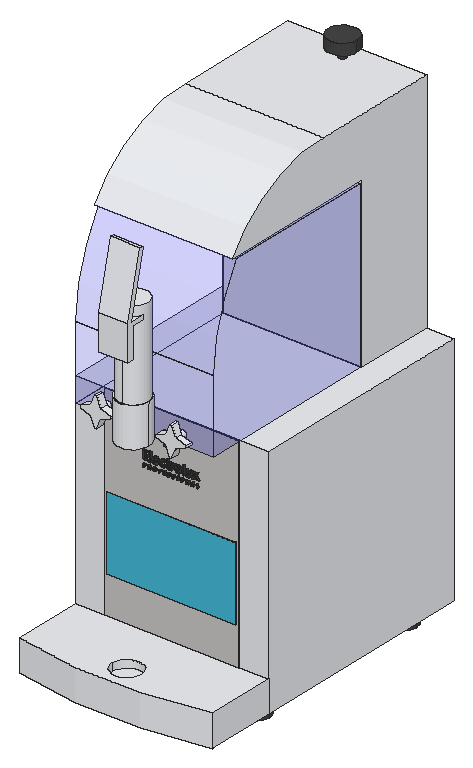
Revit family "QF_ELECTROLUXPROFESSIONAL_562528_GT1TR290", category Attrezzature speciali, Revit 2020
Family settings
  Quota connettore circolare = Usa diametro
  Tipo di parte = Normale
  Basato su piano di lavoro = No
  Sempre verticale = Sì
  Taglio con vuoti quando caricato = No
  Condiviso = No
  Punto di calcolo locali = No
Parameters (values of type "Standard")
  Weight = 28.00 kg
  Watts = 385 W
  Volts = 220 V
  URL Manufacturer = "https://www.electroluxprofessional.com/"
  URL = "https://www.electroluxprofessional.com/"
  Steam Supply Size = 0 mm
  Steam Supply Minimum Pressure = 0.0 Pa
  Steam Supply Maximum Pressure = 0.0 Pa
  Steam Consumption per Hour = 0
  Show Logo [instance] = yes
  Show Clearance [instance] = yes
  Refrigeration Suction Line Size = 0 mm
  Refrigeration Liquid Line Size = 0 mm
  Refrigerant Compressor Remote = yes
  Prospetto di default = 0 mm
  Produttore = "Electrolux Professional"
  Phase = 1
  Modello = "GT1TR290"
  Length Actual = 260 mm  # constant formula
  Item Number = "562528"
  Hot Water Size = 0 mm
  Height Actual = 650 mm  # constant formula
  HP = "0.5 HP"
  Gas Size = 0 mm
  Gas KW = 0
  Gas Input Pressure = 0 W
  Direct Waste Size = 0 mm
  Descrizione = "1X5 LT BOWL - FROZEN GRANITA, FROZEN CREAMS AND SOFT ICE CREAM DISPENSER - 1 INSULATED BOWL -TOUCH SCREEN-WHITE,R290-UK"
  Depth Actual = 425 mm  # constant formula
  Cycle = 50 Hz
  Condensate Return Size = 0 mm
  Compressed Air Volume = 0.0 L/s
  Compressed Air Size = 0 mm
  Compressed Air Pressure = 0.0 Pa
  Cold Water Size = 0 mm
  Accessory = yes
Reference planes
  plane 1: z = 0
  plane 2 "LEFT": x = -300
  plane 3 "BACK": y = 282.5
  plane 4: z = 648.875
  plane 5: z = 340
  plane 6: z = 63
  plane 7: z = 677
  plane 8: x = -38
  plane 9: y = -142.5
Forms (mm)
  Extrusion 1, solid, material "QF_Finishes_White"
    sketch origin (0, -1.353, -30) x (1, 0, 0) y (0, 1, 0)
      loop
        line (-300, 283.853) -> (-300, -31.147) -> (-38, -31.147) -> (-38, 283.853) -> (-300, 283.853)
    from 50 to 370
  Extrusion 2, solid, material "QF_Finishes_Stainless Steel"
    sketch origin (15.921, 130.5, -87.462) x (1, 0, 0) y (0, 1, 0)
      loop
        line (-93.921, -163) -> (-275.921, -163) -> (-275.921, -163.8) -> (-93.921, -163.8) -> (-93.921, -163)
    from 150.462 to 427.462
  Extrusion 3, solid, material "QF_Finishes_Stainless Steel"
    sketch origin (-521.596, -170.677, 18) x (0, -1, 0) y (1, 0, 0)
      loop
        line (-163.023, 407.596) -> (-163.023, 427.596) -> (-183.023, 427.596) -> (-183.023, 407.596) -> (-163.023, 407.596)
    from 0 to 2
Dimensions and locks
  plane 4 to level = 648.875 mm
  level to plane 7 = 677 mm
  plane 6 to level = 63 mm
  plane 5 to plane 6 = 277 mm
  plane 2 "LEFT" to plane 8 = 262 mm
  plane 9 to plane 3 "BACK" = 425 mm
  plane 5 to nested 11 = 246.5 mm
  plane 3 "BACK" to nested 11 = 417.25 mm
  plane 3 "BACK" to plane 9 = 425 mm
  aligned and locked: level to plane 1
Nested families
  nested 1: "MANOPOLA BEVERAGE" at (-220, -78.664, 353.538) x (0, 0, 1) z (0, -1, 0), type "MANOPOLA BEVERAGE"
  nested 2: "MANOPOLA BEVERAGE" at (-118, -78.664, 353.538) x (0, 0, 1) z (0, -1, 0), type "MANOPOLA BEVERAGE"
  nested 3: "PORTAGRANITE BEVERAGE-fat" at (-169, 107.419, 340), type "PORTAGRANITE BEVERAGE-fat"
  nested 4: "VASCHETTA BEVERAGE_Large" at (-169, -32.5, 41.5) x (1, 0, 0) z (0, -1, 0), type "VASCHETTA BEVERAGE_Large"
  nested 5: "ELX_LOGO_MONO_SMALL" at (-178.92, -33.3, 259.538) x (-1, 0, 0) z (0, -1, 0), Show Logo <- "Show Logo", visible <- "Show Logo", type "ELX_LOGO_MONO_SMALL"
  nested 6: "ELX_LOGO_WORDS" at (-169, -33.3, 274.149) x (1, 0, 0) z (0, -1, 0), visible <- "Show Logo", Show Logo <- "Show Logo", type "ELX_LOGO_WORDS"
  nested 7: "Piedino 20x19 mm - Beverage" at (-264, 240.5, 0), type "Piedino 20x19 mm - Beverage"
  nested 8: "Piedino 20x19 mm - Beverage" at (-264, -9.5, 0), type "Piedino 20x19 mm - Beverage"
  nested 9: "Piedino 20x19 mm - Beverage" at (-74, 240.5, 0), type "Piedino 20x19 mm - Beverage"
  nested 10: "Piedino 20x19 mm - Beverage" at (-74, -9.5, 0), type "Piedino 20x19 mm - Beverage"
  nested 11: "BOCCHETTONE BEVERAGE_Tozzo" at (-167.625, -78.664, 463) x (1, 0, 0) z (0, -1, 0), type "BOCCHETTONE BEVERAGE_Tozzo"
  nested 12: "MANOPOLA APERTURA BEVERAGE " at (-169, 257.5, 648.875) x (-1, 0, 0) z (0, 0, 1), type "MANOPOLA APERTURA BEVERAGE "
  nested 13: "SCHERMO_TOUCH_BEVERAGE" at (-169, -33.3, 165) x (1, 0, 0) z (0, -1, 0), type "SCHERMO_TOUCH_BEVERAGE"
Connectors
  electrical at (-104, 2.346, 18), driven by "Volts"
    settings: on Extrusion 3, index 73, voltage 220 V, apparent load 0 VA, apparent load phase1 0 VA, apparent load phase2 0 VA, apparent load phase3 0 VA, power factor 1, load classification "Altro", number of poles 1, system type 30, power factor state 1, is connector primary yes, connector utility no, sub classification motor no, connector description "Electrical Connection"
Definition of nested family "MANOPOLA BEVERAGE"
  Parameters (values of type "MANOPOLA BEVERAGE")
    Default Elevation = 1219.2 mm
  Reference planes
    plane 1 "Centro (Fronte/Retro)": y = 0
    plane 2: z = 0
    plane 3 "Centro (Sinistra/Destra)": x = 0
    plane 4: z = 20
  Forms (mm)
    Extrusion 1, solid
      sketch origin (0, 0, 0) x (1, 0, 0) y (0, 1, 0)
        loop
          line (-1219.2, 1219.2) -> (-1219.2, -1219.2) -> (1219.2, -1219.2) -> (1219.2, 1219.2) -> (-1219.2, 1219.2)
      from 0 to -304.8
    Extrusion 2, solid
      sketch origin (0, 0, 10) x (1, 0, 0) y (0, 1, 0)
        loop
          line (-20, -1.333) -> (-6.314, -6.314) -> (-1.333, -20) -> (1.333, -20) -> (6.314, -6.314) -> (20, -1.333) -> (20, 1.333) -> (6.314, 6.314) -> (1.333, 20) -> (-1.333, 20) -> (-6.314, 6.314) -> (-20, 1.333) -> (-20, -1.333)
      from 0 to 10
    Extrusion 3, solid
      sketch origin (0, 0, 0) x (1, 0, 0) y (0, 1, 0)
        loop
          circle (0, 0) r 5
      from 0 to 10
  Dimensions and locks
    aligned and locked: plane 2 to Extrusion 1
    aligned and locked: level to Extrusion 1
Definition of nested family "PORTAGRANITE BEVERAGE-fat"
  Parameters (values of type "PORTAGRANITE BEVERAGE-fat")
    Default Elevation = 1219.2 mm
  Reference planes
    plane 1 "Centro (Fronte/Retro)": y = 0
    plane 2: z = 0
    plane 3 "Centro (Sinistra/Destra)": x = 0
    plane 4: x = -94
    plane 5: x = 94
  Forms (mm)
    Extrusion 1, solid
      sketch origin (0, 0, 0) x (1, 0, 0) y (0, 1, 0)
        loop
          line (-1219.2, 1219.2) -> (-1219.2, -1219.2) -> (1219.2, -1219.2) -> (1219.2, 1219.2) -> (-1219.2, 1219.2)
      from 0 to -304.8
    Extrusion 2, solid
      sketch origin (-94, -107.419, -376) x (0, 1, 0) y (0, 0, 1)
        loop
          line (172.5, 604.875) -> (172.5, 376) -> (282.5, 376) -> (282.5, 684.875) -> (107.419, 684.875)
          arc (107.419, 684.875) -> (20.241, 663.694) -> (-47.5, 604.875) r 190
          line (-47.5, 604.875) -> (172.5, 604.875)
      from 0 to 188
    Extrusion 3, solid
      sketch origin (-101.5, -107.419, -378) x (0, 1, 0) y (0, 0, 1)
        loop
          line (170.5, 378) -> (170.5, 603) -> (-39.5, 603)
          arc (-39.5, 603) -> (-68.644, 543.496) -> (-78.664, 478) r 219.065
          line (-78.664, 478) -> (-78.664, 378) -> (170.5, 378)
      from 7.5 to 195.5
  Dimensions and locks
    plane 4 to plane 5 = 188 mm  (x2)
    Extrusion 2 sketch curve to Extrusion 2 sketch curve = 330 mm
    Extrusion 2 to Extrusion 3 sketch curve = 361.164 mm
    Extrusion 2 sketch curve to Extrusion 1 = 308.875 mm
    Extrusion 2 to Extrusion 3 = 361.164 mm
    Extrusion 2 to Extrusion 1 = 308.875 mm
    aligned and locked: plane 2 to Extrusion 1
    aligned and locked: level to Extrusion 1
Definition of nested family "VASCHETTA BEVERAGE_Large"
  Parameters (values of type "VASCHETTA BEVERAGE_Large")
    Default Elevation = 1219.2 mm
    Length = 262 mm
    Heigth = 43 mm
    Deep = 110 mm
  Reference planes
    plane 1 "Centro (Fronte/Retro)": y = 0
    plane 2: z = 0
    plane 3 "Centro (Sinistra/Destra)": x = 0
    plane 4: z = 110
    plane 5: x = 131
    plane 6: x = -131
  Forms (mm)
    Extrusion 1, solid
      sketch origin (0, 0, 0) x (1, 0, 0) y (0, 1, 0)
        loop
          line (-1219.2, 1219.2) -> (-1219.2, -1219.2) -> (1219.2, -1219.2) -> (1219.2, 1219.2) -> (-1219.2, 1219.2)
      from 0 to -304.8
    Extrusion 2, void
      sketch origin (202.5, -88.5, -167.5) x (1, 0, 0) y (0, 0, -1)
        loop
          circle (-202.5, -244.664) r 20
      from 100 to 110
    Extrusion 3, solid
      sketch origin (0, -2.5, 0) x (1, 0, 0) y (0, 0, 1)
        loop
          arc (131, 95) -> (0, 110.167) -> (-131, 95) r 573.335
          line (-131, 95) -> (-131, 0) -> (131, 0) -> (131, 95)
      from -24 to 19
  Cuts and joins
    Extrusion 2 cuts Extrusion 3
  Dimensions and locks
    "Heigth": Extrusion 3 to Extrusion 3
    "Length": plane 6 to plane 5
    "Deep": Extrusion 1 to plane 4
    aligned and locked: plane 2 to Extrusion 1
    aligned and locked: level to Extrusion 1
  Automatic sketch dimensions
    Extrusion 1 sketch curve to Extrusion 1 sketch curve = 2438.4 mm  (x2)
    Extrusion 2 sketch curve to plane 3 "Centro (Sinistra/Destra)" = 0 mm
    plane 4 to Extrusion 2 sketch curve = 32.836 mm
    Extrusion 3 sketch curve to level = 0 mm
    plane 6 to Extrusion 3 sketch curve = 0 mm
    Extrusion 3 sketch curve to plane 3 "Centro (Sinistra/Destra)" = 0 mm
    plane 5 to Extrusion 3 sketch curve = 0 mm
    Extrusion 3 sketch curve to level = 463.168 mm
    plane 4 to Extrusion 3 sketch curve = 15 mm
    Extrusion 3 sketch curve to Extrusion 3 sketch curve = 0 mm
    radius of Extrusion 2 sketch curve = 20 mm
Definition of nested family "ELX_LOGO_MONO_SMALL"
  Parameters (values of type "ELX_LOGO_MONO_SMALL")
    Show Logo [instance] = yes
    Default Elevation = 1219.2 mm
  Reference planes
    plane 1 "Center (Front/Back)": y = -49
    plane 2: z = 0
    plane 3 "Center (Left/Right)": x = -9.92
  Forms (mm)
    Extrusion 1, solid
      sketch origin (0, 0, 0) x (1, 0, 0) y (0, 1, 0)
        loop
          line (-1219.2, 1219.2) -> (-1219.2, -1219.2) -> (1219.2, -1219.2) -> (1219.2, 1219.2) -> (-1219.2, 1219.2)
      from 0 to -304.8
    Extrusion 2, solid, visible <- "Show Logo"
      sketch origin (84.462, 509.781, 0) x (1, 0, 0) y (0, 1, 0)
        loop
          line (-97.132, -567.787) -> (-97.132, -549.816)
          arc (-97.132, -549.816) -> (-103.775, -558.801) -> (-97.132, -567.787) r 9.398
        loop
          arc (-96.218, -567.787) -> (-88.745, -566.088) -> (-85.144, -559.322) r 9.21
          line (-85.144, -559.322) -> (-88.117, -559.322)
          arc (-88.117, -559.322) -> (-93.428, -561.478) -> (-96.218, -566.485) r 8.633
          line (-96.218, -566.485) -> (-96.218, -567.787)
        loop
          arc (-96.218, -551.117) -> (-93.428, -556.124) -> (-88.117, -558.28) r 8.633
          line (-88.117, -558.28) -> (-85.144, -558.28)
          arc (-85.144, -558.28) -> (-88.739, -551.459) -> (-96.218, -549.585) r 9.451
          line (-96.218, -549.585) -> (-96.218, -551.117)
        loop
          line (-84.462, -568.767) -> (-84.462, -548.794) -> (-104.462, -548.794) -> (-104.462, -568.767) -> (-84.462, -568.767)
      from 0 to 1.644
  Dimensions and locks
    aligned and locked: plane 2 to Extrusion 1
    aligned and locked: level to Extrusion 1
Definition of nested family "ELX_LOGO_WORDS"
  Parameters (values of type "ELX_LOGO_WORDS")
    Show Logo [instance] = yes
    Default Elevation = 0 mm
  Reference planes
    plane 1 "Centro (Fronte/Retro)": y = 0
    plane 2: z = 0
    plane 3 "Centro (Sinistra/Destra)": x = 0
  Forms (mm)
    Extrusion 1, solid
      sketch origin (0, 0, 0) x (1, 0, 0) y (0, 1, 0)
        loop
          line (-1219.2, 1219.2) -> (-1219.2, -1219.2) -> (1219.2, -1219.2) -> (1219.2, 1219.2) -> (-1219.2, 1219.2)
      from 0 to -304.8
    Extrusion 2, solid, visible <- "Show Logo"
      sketch origin (0, 0, 0) x (1, 0, 0) y (0, 1, 0)
        loop
          line (-30.234, 10.561) -> (-37.67, 10.561) -> (-37.67, 1.902)
          arc (-37.67, 1.902) -> (-36.691, -0.461) -> (-34.329, -1.439) r 3.341
          line (-34.329, -1.439) -> (-30.09, -1.439) -> (-30.09, 0.503) -> (-33.845, 0.503)
          arc (-33.845, 0.503) -> (-35.079, 0.92) -> (-35.604, 2.112) r 1.615
          line (-35.604, 2.112) -> (-35.604, 3.829) -> (-30.555, 3.829) -> (-30.555, 5.779) -> (-35.604, 5.779) -> (-35.604, 8.617) -> (-30.234, 8.617) -> (-30.234, 10.561)
        loop
          line (-28.622, 10.561) -> (-28.622, -1.439) -> (-26.555, -1.439) -> (-26.555, 10.561) -> (-28.622, 10.561)
        loop
          line (16.27, 10.561) -> (16.27, -1.439) -> (18.338, -1.439) -> (18.338, 10.561) -> (16.27, 10.561)
        loop
          line (-23.137, 2.393) -> (-16.354, 2.393)
          arc (-16.354, 2.393) -> (-17.415, 6.119) -> (-21.043, 7.478) r 4.298
          arc (-21.043, 7.478) -> (-24.239, 5.857) -> (-25.151, 2.393) r 4.373
          arc (-25.151, 2.393) -> (-23.951, -0.505) -> (-21.053, -1.705) r 4.097
          arc (-21.053, -1.705) -> (-18.799, -1.372) -> (-16.908, -0.099) r 5.15
          line (-16.908, -0.099) -> (-18.133, 1.125)
          arc (-18.133, 1.125) -> (-19.74, 0.161) -> (-21.607, 0.323) r 3.039
          arc (-21.607, 0.323) -> (-22.746, 1.081) -> (-23.137, 2.393) r 2.013
        loop
          line (-23.085, 3.846) -> (-18.431, 3.846)
          arc (-18.431, 3.846) -> (-19.084, 5.22) -> (-20.519, 5.727) r 1.983
          arc (-20.519, 5.727) -> (-22.175, 5.295) -> (-23.085, 3.846) r 2.321
        loop
          line (-8.297, 4.711) -> (-6.999, 6.009)
          arc (-6.999, 6.009) -> (-8.627, 7.187) -> (-10.604, 7.539) r 4.497
          arc (-10.604, 7.539) -> (-13.621, 6.437) -> (-15.204, 3.642) r 4.652
          arc (-15.204, 3.642) -> (-12.536, -1.257) -> (-7.072, -0.127) r 4.684
          line (-7.072, -0.127) -> (-8.363, 1.163)
          arc (-8.363, 1.163) -> (-11.149, 0.242) -> (-13.145, 2.393) r 2.714
          arc (-13.145, 2.393) -> (-13.006, 4.094) -> (-11.835, 5.335) r 2.578
          arc (-11.835, 5.335) -> (-9.96, 5.621) -> (-8.297, 4.711) r 2.961
        loop
          line (-5.73, 10.561) -> (-5.73, 2.36)
          arc (-5.73, 2.36) -> (-5.551, 1.13) -> (-5.09, -0.025) r 5.301
          arc (-5.09, -0.025) -> (-3.615, -1.198) -> (-1.746, -1.445) r 3.531
          line (-1.746, -1.445) -> (-1.746, 0.492)
          arc (-1.746, 0.492) -> (-2.302, 0.534) -> (-2.82, 0.74) r 1.862
          arc (-2.82, 0.74) -> (-3.484, 1.442) -> (-3.662, 2.393) r 1.713
          line (-3.662, 2.393) -> (-3.662, 5.362) -> (-1.785, 5.362) -> (-1.785, 7.24) -> (-3.662, 7.24) -> (-3.662, 10.561) -> (-5.73, 10.561)
        loop
          arc (2.004, 3.123) -> (2.152, 3.988) -> (2.578, 4.755) r 2.607
          arc (2.578, 4.755) -> (3.817, 5.391) -> (5.208, 5.362) r 2.84
          line (5.208, 5.362) -> (5.208, 7.349)
          arc (5.208, 7.349) -> (3.39, 7.177) -> (2.004, 5.989) r 3.016
          line (2.004, 5.989) -> (2.004, 7.24) -> (-0.046, 7.24) -> (-0.046, -1.439) -> (2.004, -1.439) -> (2.004, 3.123)
        loop
          circle (10.262, 2.899) r 4.599
        loop
          circle (10.262, 2.899) r 2.787
        loop
          arc (25.793, 2.175) -> (25.283, 0.772) -> (23.898, 0.213) r 1.835
          arc (23.898, 0.213) -> (22.514, 0.772) -> (22.004, 2.175) r 1.835
          line (22.004, 2.175) -> (22.004, 7.24) -> (19.919, 7.24) -> (19.919, 2.003)
          arc (19.919, 2.003) -> (21.105, -0.701) -> (23.898, -1.659) r 3.675
          arc (23.898, -1.659) -> (26.723, -0.672) -> (27.877, 2.088) r 3.675
          line (27.877, 2.088) -> (27.877, 7.24) -> (25.793, 7.24) -> (25.793, 2.175)
        loop
          line (29.126, 7.24) -> (32.128, 3.164) -> (28.83, -1.442) -> (31.052, -1.442) -> (33.241, 1.615) -> (35.462, -1.442) -> (37.67, -1.442) -> (34.419, 3.211) -> (37.392, 7.24) -> (35.135, 7.24) -> (33.234, 4.663) -> (31.362, 7.24) -> (29.126, 7.24)
        loop
          line (-35.875, -6.414) -> (-37.523, -6.414) -> (-37.523, -10.564) -> (-36.621, -10.564) -> (-36.621, -9.135) -> (-35.625, -9.135)
          arc (-35.625, -9.135) -> (-34.509, -7.66) -> (-35.875, -6.414) r 1.372
        loop
          arc (-35.664, -8.32) -> (-35.322, -7.786) -> (-35.664, -7.253) r 0.587
          line (-35.664, -7.253) -> (-36.621, -7.253) -> (-36.621, -8.32) -> (-35.664, -8.32)
        loop
          line (-29.363, -6.414) -> (-31.04, -6.414) -> (-31.04, -10.564) -> (-30.138, -10.564) -> (-30.138, -9.135) -> (-29.265, -9.135) -> (-28.669, -10.564) -> (-27.7, -10.564) -> (-28.516, -8.814)
          arc (-28.516, -8.814) -> (-28.125, -8.347) -> (-27.994, -7.752) r 1.281
          arc (-27.994, -7.752) -> (-28.406, -6.804) -> (-29.363, -6.414) r 1.37
        loop
          line (-30.138, -7.253) -> (-30.138, -8.32) -> (-29.18, -8.32)
          arc (-29.18, -8.32) -> (-28.839, -7.786) -> (-29.18, -7.253) r 0.587
          line (-29.18, -7.253) -> (-30.138, -7.253)
        loop
          circle (-22.402, -8.489) r 2.156
        loop
          circle (-22.402, -8.489) r 1.368
        loop
          line (-16.703, -6.414) -> (-16.703, -10.564) -> (-15.823, -10.564) -> (-15.823, -9.114) -> (-14.261, -9.114) -> (-14.261, -8.184) -> (-15.823, -8.184) -> (-15.823, -7.308) -> (-14.111, -7.308) -> (-14.111, -6.414) -> (-16.703, -6.414)
        loop
          line (-10.611, -6.414) -> (-10.611, -9.216)
          arc (-10.611, -9.216) -> (-10.229, -10.166) -> (-9.284, -10.561) r 1.327
          line (-9.284, -10.561) -> (-7.945, -10.561) -> (-7.945, -9.777) -> (-9.204, -9.777)
          arc (-9.204, -9.777) -> (-9.668, -9.394) -> (-9.759, -8.799) r 0.845
          line (-9.759, -8.799) -> (-8.1, -8.799) -> (-8.1, -8.015) -> (-9.759, -8.015) -> (-9.759, -7.198) -> (-7.985, -7.198) -> (-7.985, -6.414) -> (-10.611, -6.414)
        loop
          arc (4.417, -6.94) -> (3.867, -6.489) -> (3.171, -6.345) r 1.485
          arc (3.171, -6.345) -> (2.528, -6.503) -> (2, -6.902) r 1.645
          arc (2, -6.902) -> (1.902, -7.844) -> (2.51, -8.571) r 1.217
          arc (2.51, -8.571) -> (3.021, -8.741) -> (3.506, -8.976) r 4.201
          arc (3.506, -8.976) -> (3.812, -9.337) -> (3.601, -9.761) r 0.43
          arc (3.601, -9.761) -> (3.209, -9.853) -> (2.819, -9.754) r 0.846
          arc (2.819, -9.754) -> (2.482, -9.511) -> (2.275, -9.15) r 0.983
          line (2.275, -9.15) -> (1.549, -9.489)
          arc (1.549, -9.489) -> (1.811, -9.993) -> (2.232, -10.374) r 1.595
          arc (2.232, -10.374) -> (2.71, -10.578) -> (3.227, -10.63) r 1.719
          arc (3.227, -10.63) -> (3.867, -10.503) -> (4.442, -10.197) r 2.246
          arc (4.442, -10.197) -> (4.697, -9.52) -> (4.566, -8.81) r 1.349
          arc (4.566, -8.81) -> (4.282, -8.482) -> (3.919, -8.245) r 1.564
          arc (3.919, -8.245) -> (3.46, -8.04) -> (2.99, -7.864) r 8.236
          arc (2.99, -7.864) -> (2.718, -7.441) -> (3.111, -7.128) r 0.375
          arc (3.111, -7.128) -> (3.581, -7.241) -> (3.943, -7.563) r 0.998
          line (3.943, -7.563) -> (4.417, -6.94)
        loop
          line (8.225, -6.414) -> (8.225, -10.561) -> (9.077, -10.561) -> (9.077, -6.414) -> (8.225, -6.414)
        loop
          circle (14.827, -8.488) r 1.29
        loop
          circle (14.827, -8.488) r 2.154
        loop
          line (20.548, -10.561) -> (21.409, -10.561) -> (21.409, -7.954) -> (23.306, -10.561) -> (24.135, -10.561) -> (24.135, -6.414) -> (23.274, -6.414) -> (23.274, -9.101) -> (21.377, -6.414) -> (20.548, -6.414) -> (20.548, -10.561)
        loop
          line (28.435, -10.561) -> (28.839, -9.667) -> (30.373, -9.667) -> (30.777, -10.561) -> (31.693, -10.561) -> (29.942, -6.414) -> (29.142, -6.414) -> (27.519, -10.561) -> (28.435, -10.561)
        loop
          line (29.99, -8.816) -> (29.579, -7.905) -> (29.18, -8.816) -> (29.99, -8.816)
        loop
          line (35.929, -9.777) -> (35.929, -6.414) -> (35.076, -6.414) -> (35.076, -10.561) -> (37.523, -10.561) -> (37.523, -9.777) -> (35.929, -9.777)
        loop
          arc (-1.8, -6.94) -> (-2.35, -6.489) -> (-3.046, -6.345) r 1.485
          arc (-3.046, -6.345) -> (-3.689, -6.503) -> (-4.218, -6.902) r 1.645
          arc (-4.218, -6.902) -> (-4.316, -7.844) -> (-3.708, -8.571) r 1.217
          arc (-3.708, -8.571) -> (-3.197, -8.741) -> (-2.712, -8.976) r 4.201
          arc (-2.712, -8.976) -> (-2.405, -9.337) -> (-2.616, -9.761) r 0.43
          arc (-2.616, -9.761) -> (-3.008, -9.853) -> (-3.399, -9.754) r 0.846
          arc (-3.399, -9.754) -> (-3.736, -9.511) -> (-3.942, -9.15) r 0.983
          line (-3.942, -9.15) -> (-4.668, -9.489)
          arc (-4.668, -9.489) -> (-4.407, -9.993) -> (-3.985, -10.374) r 1.595
          arc (-3.985, -10.374) -> (-3.507, -10.578) -> (-2.99, -10.63) r 1.719
          arc (-2.99, -10.63) -> (-2.351, -10.503) -> (-1.775, -10.197) r 2.246
          arc (-1.775, -10.197) -> (-1.521, -9.52) -> (-1.652, -8.81) r 1.349
          arc (-1.652, -8.81) -> (-1.936, -8.482) -> (-2.298, -8.245) r 1.564
          arc (-2.298, -8.245) -> (-2.757, -8.04) -> (-3.228, -7.864) r 8.236
          arc (-3.228, -7.864) -> (-3.5, -7.441) -> (-3.107, -7.128) r 0.375
          arc (-3.107, -7.128) -> (-2.636, -7.241) -> (-2.274, -7.563) r 0.998
          line (-2.274, -7.563) -> (-1.8, -6.94)
      from 0 to 1.644
  Dimensions and locks
    aligned and locked: plane 2 to Extrusion 1
    aligned and locked: level to Extrusion 1
Definition of nested family "Piedino 20x19 mm - Beverage"
  Parameters (values of type "Piedino 20x19 mm - Beverage")
    Default Elevation = 0 mm
    P = 930 mm
    L = 400 mm
    H = 290 mm
  Reference planes
    plane 1: y = 0
    plane 2: z = 0
    plane 3: x = 0
    plane 4: z = 290
    plane 5: z = 24
    plane 6: z = 55
  Forms (mm)
    Extrusion 1, solid
      sketch origin (-373.847, 979.72, 0) x (1, 0, 0) y (0, 1, 0)
        loop
          circle (373.847, -979.72) r 19
      from 0 to 20
  Dimensions and locks
    "H": plane 4 to level
    plane 4 to plane 5 to level = 266 mm, 24 mm
    level to plane 6 = 55 mm
    aligned and locked: level to plane 2
  Automatic sketch dimensions
    plane 3 to Extrusion 1 sketch curve = 0 mm
    plane 1 to Extrusion 1 sketch curve = 0 mm
    radius of Extrusion 1 sketch curve = 19 mm
Definition of nested family "BOCCHETTONE BEVERAGE_Tozzo"
  Parameters (values of type "BOCCHETTONE BEVERAGE_Tozzo")
    Default Elevation = 1219.2 mm
  Reference planes
    plane 1 "Centro (Fronte/Retro)": y = 0
    plane 2: z = 0
    plane 3 "Centro (Sinistra/Destra)": x = 0
    plane 4: y = -123.5
    plane 5: y = 123.5
    plane 6: z = 22.09
  Forms (mm)
    Extrusion 1, solid
      sketch origin (0, 0, 0) x (1, 0, 0) y (0, 1, 0)
        loop
          line (-1219.2, 1219.2) -> (-1219.2, -1219.2) -> (1219.2, -1219.2) -> (1219.2, 1219.2) -> (-1219.2, 1219.2)
      from 0 to -304.8
    Extrusion 2, solid
      sketch origin (0, -51.625, 19.664) x (0, 0, 1) y (1, 0, 0)
        loop
          circle (2.426, 0) r 20
      from -18.353 to 101.625
    Extrusion 3, void
      sketch origin (-4.375, -126.625, 34.086) x (1, 0, 0) y (0, 0, -1)
        loop
          line (27.179, -16.141) -> (27.179, 12.684) -> (6.226, 12.684) -> (6.226, -10.188) -> (21.226, -10.188) -> (27.179, -16.141)
        loop
          line (-18.429, -16.141) -> (-12.476, -10.188) -> (2.524, -10.188) -> (2.524, 12.684) -> (-18.429, 12.684) -> (-18.429, -16.141)
      from 104.337 to 159.894
    Extrusion 4, solid
      sketch origin (25, -97.404, 18.125) x (0, 0, 1) y (0, 1, 0)
        loop
          line (11.922, 135.839) -> (11.922, 88.779) -> (37.961, 88.779) -> (37.961, 136.453) -> (16.929, 220.809) -> (12.077, 219.599) -> (32.961, 135.839) -> (11.922, 135.839)
      from 5 to 45
    Extrusion 5, solid
      sketch origin (0, -126.625, 25.97) x (1, 0, 0) y (0, 0, -1)
        loop
          circle (0, 3.97) r 22
      from 3.125 to 56.647
  Cuts and joins
    Extrusion 3 cuts Extrusion 4
    joined: Extrusion 2, Extrusion 4
  Dimensions and locks
    plane 5 to plane 4 = 247 mm
    plane 5 to plane 1 "Centro (Fronte/Retro)" to plane 4 = 123.5 mm, 123.5 mm
    cut or joined group of Extrusion 2, Extrusion 3, Extrusion 4 to Extrusion 1 = 56.086 mm
    aligned and locked: plane 2 to Extrusion 1
    aligned and locked: level to Extrusion 1
Definition of nested family "MANOPOLA APERTURA BEVERAGE "
  Parameters (values of type "MANOPOLA APERTURA BEVERAGE ")
    Default Elevation = 1219.2 mm
  Reference planes
    plane 1 "Centro (Fronte/Retro)": y = 0
    plane 2: z = 0
    plane 3 "Centro (Sinistra/Destra)": x = 0
    plane 4: z = 27
  Forms (mm)
    Extrusion 1, solid
      sketch origin (0, 0, 0) x (1, 0, 0) y (0, 1, 0)
        loop
          line (-1219.2, 1219.2) -> (-1219.2, -1219.2) -> (1219.2, -1219.2) -> (1219.2, 1219.2) -> (-1219.2, 1219.2)
      from 0 to -304.8
    Extrusion 2, solid
      sketch origin (0, 0, 0) x (1, 0, 0) y (0, 1, 0)
        loop
          circle (0, 0) r 5
      from 0 to 12
    Extrusion 3, solid
      sketch origin (0, 0, 12) x (1, 0, 0) y (0, 1, 0)
        loop
          circle (0, 0) r 20
      from 0 to 15
  Dimensions and locks
    Extrusion 1 to plane 4 = 27 mm
    aligned and locked: plane 2 to Extrusion 1
    aligned and locked: level to Extrusion 1
Definition of nested family "SCHERMO_TOUCH_BEVERAGE"
  Parameters (values of type "SCHERMO_TOUCH_BEVERAGE")
    Show Logo [instance] = yes
    Default Elevation = 1219.2 mm
  Reference planes
    plane 1 "Centro (Fronte/Retro)": y = 0
    plane 2: z = 0
    plane 3 "Centro (Sinistra/Destra)": x = 0
  Forms (mm)
    Extrusion 1, solid
      sketch origin (0, 0, 0) x (1, 0, 0) y (0, 1, 0)
        loop
          line (-1219.2, 1219.2) -> (-1219.2, -1219.2) -> (1219.2, -1219.2) -> (1219.2, 1219.2) -> (-1219.2, 1219.2)
      from 0 to -304.8
    Extrusion 2, solid
      sketch origin (118.389, -572.596, 0) x (-1, 0, 0) y (0, -1, 0)
        loop
          line (205.889, -622.596) -> (205.889, -522.596) -> (30.889, -522.596) -> (30.889, -622.596) -> (205.889, -622.596)
      from 0 to 1
  Dimensions and locks
    aligned and locked: plane 2 to Extrusion 1
    aligned and locked: level to Extrusion 1
